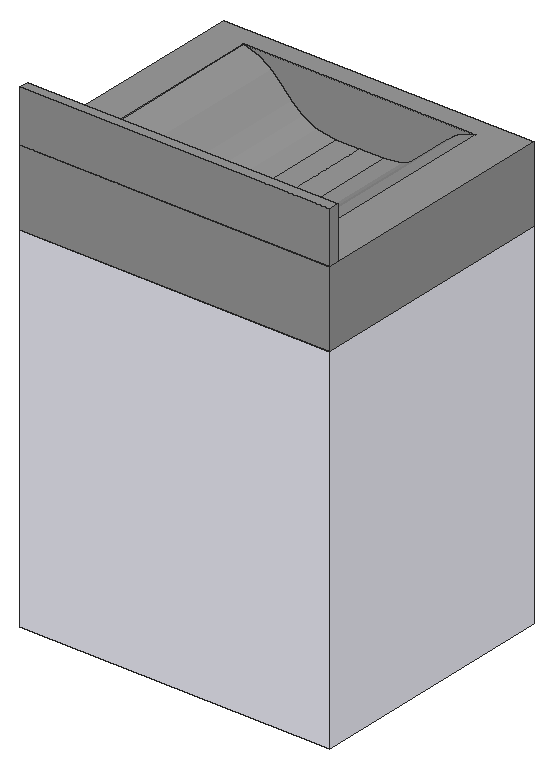
Revit family "Single Sink Vanity 24 in_Wall Hung", category Casework, host Wall, Revit 2025
Family settings
  Host = Wall
  OmniClass Number = 23.40.35.00
  OmniClass Title = Casework
  Always vertical = Yes
  Cut with Voids When Loaded = No
  Shared = No
  Room Calculation Point = No
Parameters (values of type "Single Sink Vanity 794mm_Wall Hung")
  Mirror Height = 0' - 4.06299"
  Length = 3' - 6"
  Height = 2' - 9.46457"
  Depth = 1' - 7.68504"
  Default Elevation = 0' - 0"
  Cabinet Mullions = 0' - 0 3/4"
Types (2): name
  Single Sink Vanity 794mm_Wall Hung
  Single Sink Vanity 24"_Wall Hung
Reference planes (in)
  plane 1: y = 0
  plane 2 "Center (Left/Right)": x = 0
  plane 3 "Left": x = -2.50394
  plane 4 "Right": x = 39.49606
  plane 5 "Front": y = 22.68504
  plane 6 "Back": y = 3
  plane 7 "Top": z = 33.46457
Forms (in)
  Extrusion 1, void
    sketch origin (39.49606, 22.68504, 0) x (1, 0, 0) y (0, 0, 1)
      loop
        line (-24.13122, 3.80859) -> (-24.13122, 26.80859) -> (-45.71076, 26.80859) -> (-45.71076, 3.80859) -> (-24.13122, 3.80859)
      loop
        line (-45.58576, 3.93359) -> (-24.25622, 3.93359) -> (-24.25622, 13.93359) -> (-45.58576, 13.93359) -> (-45.58576, 3.93359)
      loop
        line (-24.25622, 14.93359) -> (-24.25622, 25.68359) -> (-45.58576, 25.68359) -> (-45.58576, 14.93359) -> (-24.25622, 14.93359)
    from -12.56496 to 1.84682
  Extrusion 2, solid, material "Quartz Countertop, White"
    sketch origin (4.26772, 0, 0) x (1, 0, 0) y (0, 1, 0)
      loop
        line (-11.51181, 22.68504) -> (-11.51181, 3) -> (12.52709, 3) -> (12.52709, 22.68504) -> (-11.51181, 22.68504)
    from 27.55859 to 33.46484
  Extrusion 3, solid, material "Paint"
    sketch origin (-0.09375, 0, 0) x (1, 0, 0) y (0, 1, 0)
      loop
        line (-7.15034, 3) -> (16.88856, 3) -> (16.88856, 22.68504) -> (-7.15034, 22.68504) -> (-7.15034, 3)
    from 0 to 27.55859
  Extrusion 4, void
    sketch origin (2.51378, 22.68504, 0) x (-1, 0, 0) y (0, 0, -1)
      loop
        line (-11.02119, -33.46484) -> (-11.21668, -34.57353) -> (6.97881, -34.57353) -> (6.97881, -33.4264)
        spline (6.97881, -33.4264) -> (6.23926, -33.24547) -> (5.60882, -32.95943) -> (5.0628, -32.59104) -> (4.5765, -32.16306) -> (4.12522, -31.69822) -> (3.68426, -31.21928) -> (3.22894, -30.74899) -> (2.73456, -30.31011) -> (2.17641, -29.92536) -> (1.5298, -29.61752) -> (0.77004, -29.40933) -> (-0.12757, -29.32353)
        line (-0.12757, -29.32353) -> (-1.9879, -29.32353) -> (-3.84822, -29.32353)
        spline (-3.84822, -29.32353) -> (-4.75425, -29.41013) -> (-5.52112, -29.62028) -> (-6.17379, -29.931) -> (-6.73717, -30.31935) -> (-7.23618, -30.76235) -> (-7.69577, -31.23704) -> (-8.14085, -31.72047) -> (-8.59636, -32.18966) -> (-9.08722, -32.62165) -> (-9.63836, -32.99349) -> (-10.27471, -33.28221) -> (-11.02119, -33.46484)
    from 1.48177 to 15.74504
  Extrusion 5, solid, material "Quartz Countertop, White"
    sketch origin (4.26772, 0, 33.46484) x (1, 0, 0) y (0, 1, 0)
      loop
        line (12.52709, 3) -> (12.52709, 3.75) -> (-11.51181, 3.75) -> (-11.51181, 3) -> (12.52709, 3)
    from 0 to 4
Cuts and joins
  Extrusion 1 cuts Extrusion 3
  Extrusion 4 cuts Extrusion 2
Lines and regions (in)
  reference lines
    curve 1: line (28.75591, 3, 33.46484) -> (28.75591, 3, 77.46484)
    curve 2: line (-7.24409, 3, 33.46484) -> (-7.24409, 3, 76.46484)
    curve 3: line (24.74606, 36.93504, 0) -> (24.74606, -6.31496, 0)
    curve 4: line (-7.24409, 22.68504, 25.30859) -> (28.75591, 22.68504, 25.30859)
Text (in)
  text "Placement Side" at (0, 40.15149, 123.01588), in view "Right"
  text "Placement Side" at (-65.09404, 56.76262, 0), in view "Ref. Level"
  text "Placement Side" at (0, 47.49176, 112.82392), in view "Left"
Dimensions and locks (in)
  locked: host wall to plane 6 "Back"
  "Depth": plane 6 "Back" to plane 5 "Front"
  plane 3 "Left" to plane 2 "Center (Left/Right)" to plane 4 "Right" = 0' - 2.50394", 3' - 3.49606"
  "Length": plane 3 "Left" to plane 4 "Right"
  "Height": plane 7 "Top" to level
  level to plane 7 "Top" = 2' - 9.46457"
  cut or joined group of Extrusion 2, Extrusion 4 to cut or joined group of Extrusion 2, Extrusion 4 = 2' - 0.0389"  (x2)
  Extrusion 4 sketch curve to Extrusion 4 sketch curve = 1' - 6.00004"
Automatic sketch dimensions
  plane 4 "Right" to curve 1 = 0' - 10.74016"
  plane 7 "Top" to curve 2 = 0' - 0.00028"
  curve 2 to plane 2 "Center (Left/Right)" = 0' - 7.24409"
  plane 7 "Top" to curve 1 = 0' - 0.00028"
  curve 2 to curve 2 = 3' - 7"
  curve 2 to curve 1 = 0' - 1"
  host wall to curve 3 = 0' - 3.31496"
  plane 4 "Right" to curve 3 = 1' - 2 3/4"
  curve 3 to plane 5 "Front" = 1' - 2 1/4"
  Extrusion 2 sketch curve to host wall = 0' - 0"
  plane 3 "Left" to Extrusion 2 sketch curve = 0' - 4.74016"
  plane 5 "Front" to Extrusion 2 sketch curve = 0' - 0"
  plane 4 "Right" to Extrusion 2 sketch curve = 1' - 10.70125"
  plane 3 "Left" to Extrusion 3 sketch curve = 0' - 4.74016"
  plane 5 "Front" to Extrusion 3 sketch curve = 0' - 0"
  Extrusion 3 sketch curve to host wall = 0' - 0"
  plane 4 "Right" to Extrusion 3 sketch curve = 1' - 10.70125"
  plane 3 "Left" to curve 4 = 0' - 4.74016"
  curve 4 to plane 7 "Top" = 0' - 8.15597"
  plane 4 "Right" to curve 4 = 0' - 10.74016"
  Extrusion 5 sketch curve to Extrusion 2 = 0' - 0"  (x3)
  Extrusion 5 sketch curve to Extrusion 2 = 0' - 0 3/4"
  Extrusion 4 sketch curve to Extrusion 2 = 0' - 0"
  Extrusion 2 to Extrusion 4 sketch curve = 0' - 1.10869"
  Extrusion 2 to Extrusion 4 sketch curve = 0' - 3.06435"
  Extrusion 4 sketch curve to Extrusion 4 sketch curve = 0' - 0.19549"
  Extrusion 4 sketch curve to Extrusion 2 = 0' - 1.76494"
  Extrusion 4 sketch curve to Extrusion 4 sketch curve = 0' - 7.17296"
  Extrusion 4 sketch curve to Extrusion 4 sketch curve = 0' - 1.86033"  (x2)
  Extrusion 4 sketch curve to Extrusion 4 sketch curve = 0' - 7.10638"
  plane 3 "Left" to Extrusion 1 sketch curve = 0' - 3.71076"
  Extrusion 1 sketch curve to Extrusion 1 sketch curve = 0' - 0 1/8"  (x4)
  level to Extrusion 1 sketch curve = 0' - 3 239/256"
  plane 2 "Center (Left/Right)" to Extrusion 1 sketch curve = 1' - 3.23984"
  Extrusion 1 sketch curve to Extrusion 1 sketch curve = 0' - 0"
  Extrusion 1 sketch curve to Extrusion 1 sketch curve = 0' - 10"
  Extrusion 1 sketch curve to Extrusion 1 sketch curve = 0' - 1"
  Extrusion 1 sketch curve to plane 7 "Top" = 0' - 7.78097"
  Extrusion 1 sketch curve to Extrusion 1 sketch curve = 0' - 1 1/8"
